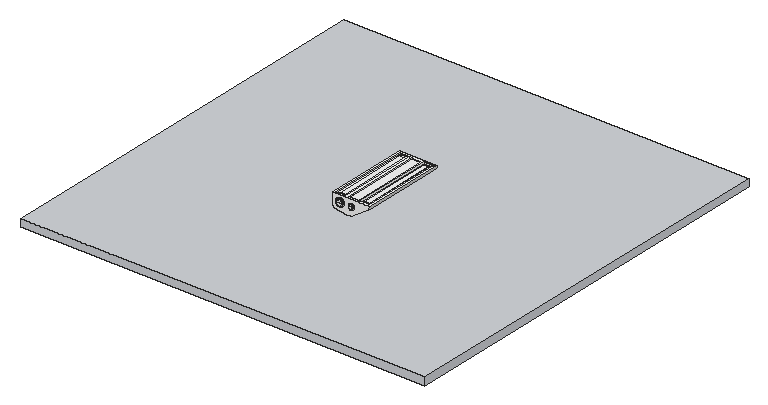
Revit family "PRXB-02", category Lighting Fixtures, host Face, Revit 2014
Parameters (values of type "PRXB/02L/LE/EM")
  Wings = Paint - Hubbell - Light Silver
  Width = 217.00 mm
  Watts = 16 W
  Wattage Comments = "16W"
  Wattage = 16 W
  Warranty = "5 years Warranty"  # constant formula
  built-in parameter 1150110 = 1 (stored number, unit not read)
  Voltage = 120 V
  URL = "https://www.hubbell.com/chalmit/en"
  built-in parameter 1114217 = 1 (stored number, unit not read)
  Tilt Angle = 90.00°
  built-in parameter 1150109 = 1 (stored number, unit not read)
  built-in parameter 1150134 = 3
  built-in parameter 1150113 = 1 (stored number, unit not read)
  Reflector Finish = Hubbell - White Glass
  Product Link = "https://www.hubbell.com/chalmit/en/Products/Lighting-Controls/Harsh-Hazardous-Lighting/Linear-Lighting/Protecta-X-LED/p/3605851"
  Product Documentation Link = "https://hubbellcdn.com/specsheet/PROTECTAX_Z1_V6.pdf"
  Power Factor = 1
  Photometric Web File = "PRXB_02L_LE_EM.ies"
  Pendent Height [instance] = 304.80 mm
  Model = "PRXB/02L/LE"
  Manufacturer = "Chalmit"  # constant formula
  built-in parameter 1150105 = 122.23 (stored number, unit not read)
  Lumens = 1536 lm
  built-in parameter 1150115 = 1 (stored number, unit not read)
  Load Classification = Lighting
  built-in parameter 1150137 = (empty or 0)
  built-in parameter 1150139 = (empty or 0)
  Length = 504.00 mm
  built-in parameter 1150112 = 1 (stored number, unit not read)
  built-in parameter 1150114 = 1 (stored number, unit not read)
  Lamp = "LED"  # constant formula
  built-in parameter 1150132 = (empty or 0)
  built-in parameter 1150102 = (empty or 0)
  built-in parameter 1150107 = 3200 (stored number, unit not read)
  built-in parameter 1150138 = (empty or 0)
  built-in parameter 1150106 = 1.2223 (stored number, unit not read)
  Housing Material = Paint - Hubbell - Matte White
  Fixture distribution = "Direct"  # constant formula
  Features = "120,000-hour maintenance free lifespan at 25 degC\r\n> 90,000 maintenance free hours at 60 degC\r\nThe lumen output of a 4ft linear in a lightweight and slimline package using specialised optics\r\nA targeted bright, white output with minimal spill light\r\nMarket-leading efficacy of = 135 lm/W\r\nUp to 50% energy savings vs traditional fluorescent fixtures\r\nMultiple beam distributions available"  # constant formula
  Emit from Rectangle Width = Length  # 504.00 mm
  Emit from Rectangle Length = Width  # 217.00 mm
  Emit Shape Visible in Rendering = no
  built-in parameter 1150104 = 8.9187 (stored number, unit not read)
  Drum-Height = 609.60 mm
  Dimming Lamp Color Temperature Shift = <None>
  Description = "The next generation in LED linear luminaires, the Protecta X’s\r\nrevolutionary design puts LED at the centre to provide the\r\nperformance of a 4ft linear in a lightweight and slimline package.\r\nWith a robust enclosure and excellent IP, the Protecta X is suitable\r\nfor use in the world’s most arduous environments. Expected useful\r\nlife to 70% of the initial lumens (L70) is >200,000 hours at 25°C,\r\nwith an incredible 90,000 maintenance free hours at 60°C. For a\r\nluminaire with the longest life, the highest output and marketleading efficacy, choose the Protecta X"  # constant formula
  Default Elevation = 1219.20 mm
  Copyright = " ©2020 Chalmit, a division of Hubbell Lighting, Inc"  # constant formula
  Contact = "https://www.hubbell.com/chalmit/en/contactUs"
  Connector Description = "Lighting Connector"  # constant formula
  Color Filter = 16777215
  built-in parameter 1114218 = 1 (stored number, unit not read)
  built-in parameter 1150133 = 10 (stored number, unit not read)
  Assembly Code = "D5020200"
  Apparent Load = Watts / Power Factor  # 16 VA
Types (3, lengths in mm): name | Photometric Web File
  (no name) | "PRXB_02L_LE_EM.ies"
  PRXB/02L/LE | "PRXB_02L_LE.ies"
  PRXB/02L/LE/EM | "PRXB_02L_LE_EM.ies"
Reference planes
  plane 1 "Center (Front/Back)": y = 0
  plane 2: z = 14.125
  plane 3 "Center (Left/Right)": x = 0
  plane 4: z = 107.625
  plane 5: y = -252
  plane 6: y = 252
  plane 7: x = 108.5
  plane 8: x = -108.5
  plane 9: y = 258
  plane 10: y = -258
Forms (mm)
  Extrusion 1, solid
    sketch origin (0, 0, 0) x (1, 0, 0) y (0, 1, 0)
      loop
        line (-1219.2, 1219.2) -> (-1219.2, -1219.2) -> (1219.2, -1219.2) -> (1219.2, 1219.2) -> (-1219.2, 1219.2)
    from 14.125 to -31.75
  Extrusion 2, solid, material "Paint - Hubbell - Matte White" <- "Housing Material"
    sketch origin (2.011, 0, 136.607) x (-1, 0, 0) y (0, 0, -1)
      loop
        line (108.5, 14.125) -> (108.5, 82.764)
        arc (108.5, 82.764) -> (105.684, 90.654) -> (98.507, 94.978) r 12.46
        arc (98.507, 94.978) -> (61.737, 101.289) -> (24.66, 105.432) r 635.412
        arc (24.66, 105.432) -> (-0.229, 103.154) -> (-22.866, 92.561) r 72.515
        line (-22.866, 92.561) -> (-104.949, 35.086)
        arc (-104.949, 35.086) -> (-110.186, 25.182) -> (-111.995, 14.125) r 34.7
        line (-111.995, 14.125) -> (108.5, 14.125)
    from -252 to 252
  Revolve 3, solid, material "Paint - Hubbell - Matte White" <- "Housing Material"
    sketch origin (-113.571, 22.5, 82.443) x (0, 1, 0) y (-1, 0, 0)
      loop
        line (235.5, -48.558) -> (235.5, -31.853) -> (233.214, -31.853) -> (233.214, -28.441) -> (231.594, -28.441) -> (231.594, -24.59) -> (229.5, -24.59) -> (229.5, -48.558) -> (235.5, -48.558)
      axis (235.5, -48.558) -> (229.5, -48.558)
    angle from 0 to 360
  Revolve 4, solid, material "Paint - Hubbell - Matte White" <- "Housing Material"
    sketch origin (-113.571, -22.5, 82.443) x (0, 1, 0) y (-1, 0, 0)
      loop
        line (-235.5, -48.558) -> (-229.5, -48.558) -> (-229.5, -24.59) -> (-231.594, -24.59) -> (-231.594, -28.441) -> (-233.214, -28.441) -> (-233.214, -31.853) -> (-235.5, -31.853) -> (-235.5, -48.558)
      axis (-235.5, -48.558) -> (-229.5, -48.558)
    angle from 0 to 360
  Revolve 5, solid, material "Paint - Hubbell - Matte White" <- "Housing Material"
    sketch origin (-44.19, -22.5, 82.443) x (0, 1, 0) y (-1, 0, 0)
      loop
        line (-235.5, -48.558) -> (-229.5, -48.558) -> (-229.5, -32.403) -> (-233.214, -32.403) -> (-233.214, -37.165) -> (-235.5, -37.165) -> (-235.5, -48.558)
      axis (-235.5, -48.558) -> (-229.5, -48.558)
    angle from 0 to 360
  Revolve 6, solid, material "Paint - Hubbell - Matte White" <- "Housing Material"
    sketch origin (-44.19, 22.5, 82.443) x (0, 1, 0) y (-1, 0, 0)
      loop
        line (235.5, -48.558) -> (235.5, -37.165) -> (233.214, -37.165) -> (233.214, -32.403) -> (229.5, -32.403) -> (229.5, -48.558) -> (235.5, -48.558)
      axis (235.5, -48.558) -> (229.5, -48.558)
    angle from 0 to 360
  Extrusion 7, void
    sketch origin (2.011, 0, 136.607) x (-1, 0, 0) y (0, 0, -1)
      loop
        line (-50.489, 65.71) -> (-36.125, 52.777) -> (-19.677, 93.489)
        arc (-19.677, 93.489) -> (1.555, 102.583) -> (24.578, 104.435) r 71.515
        arc (24.578, 104.435) -> (61.597, 100.299) -> (98.309, 93.997) r 634.412
        arc (98.309, 93.997) -> (104.91, 90.021) -> (107.5, 82.764) r 11.46
        line (107.5, 82.764) -> (110, 82.764) -> (110, 121.426) -> (26.895, 121.426) -> (-61.538, 80.189) -> (-106.919, 34.808) -> (-101.919, 34.808) -> (-50.489, 65.71)
    from -228.652 to 239.295
  Extrusion 8, void
    sketch origin (2.011, 0, 101.607) x (0, 1, 0) y (-1, 0, 0)
      loop
        line (-241.675, -34.85) -> (238.325, -34.85) -> (238.325, 25.15) -> (-241.675, 25.15) -> (-241.675, -34.85)
      loop
        line (-241.675, -104.85) -> (238.325, -104.85) -> (238.325, -44.85) -> (-241.675, -44.85) -> (-241.675, -104.85)
      loop
        line (-241.675, 40.15) -> (238.325, 40.15) -> (238.325, 100.15) -> (-241.675, 100.15) -> (-241.675, 40.15)
    from 14.125 to 21.723
  Extrusion 9, solid, material "Hubbell - White Glass" <- "Reflector Finish"
    sketch origin (2.011, 0, 101.607) x (0, 1, 0) y (-1, 0, 0)
      loop
        line (-226.675, 55.15) -> (223.325, 55.15) -> (223.325, 85.15) -> (-226.675, 85.15) -> (-226.675, 55.15)
      loop
        line (-226.675, -89.85) -> (223.325, -89.85) -> (223.325, -59.85) -> (-226.675, -59.85) -> (-226.675, -89.85)
    from 14.125 to 16.11
Cuts and joins
  Extrusion 7, Extrusion 8 cuts Extrusion 2
Dimensions and locks
  "Width": plane 8 to plane 7
  "Length": plane 5 to plane 6
  equal spacing: plane 5, plane 1 "Center (Front/Back)", plane 6
  equal spacing: plane 8, plane 3 "Center (Left/Right)", plane 7
  plane 2 to plane 4 = 93.50 mm
  equal spacing: plane 7, plane 3 "Center (Left/Right)", plane 8
  plane 7 to plane 8 = 217.00 mm
  aligned and locked: plane 2 to Extrusion 1
  aligned and locked: imposter light to plane 1 "Center (Front/Back)"
  aligned and locked: Extrusion 2 to plane 6
  aligned and locked: plane 5 to Extrusion 2
Automatic sketch dimensions
  Extrusion 1 sketch curve to Extrusion 1 sketch curve = 2438.40 mm  (x2)
  plane 3 "Center (Left/Right)" to Extrusion 2 sketch curve = 114.006 mm
  Extrusion 2 sketch curve to Extrusion 2 sketch curve = 7.046 mm
  plane 3 "Center (Left/Right)" to Extrusion 2 sketch curve = 79.306 mm
  plane 3 "Center (Left/Right)" to Extrusion 2 sketch curve = 29.339 mm
  plane 3 "Center (Left/Right)" to Extrusion 2 sketch curve = 24.877 mm
  plane 8 to Extrusion 2 sketch curve = 91.784 mm
  plane 8 to Extrusion 2 sketch curve = 14.471 mm
  Extrusion 2 sketch curve to Extrusion 2 sketch curve = 12.46 mm
  plane 4 to Extrusion 2 sketch curve = 556.832 mm
  level to Extrusion 2 sketch curve = 122.482 mm
  Extrusion 2 sketch curve to Extrusion 2 sketch curve = 19.035 mm
  Extrusion 2 sketch curve to Extrusion 2 sketch curve = 68.639 mm
  Extrusion 2 sketch curve to Extrusion 2 sketch curve = 59.401 mm
  Extrusion 2 sketch curve to Extrusion 2 sketch curve = 0.00 mm
  plane 6 to Revolve 3 sketch curve = 0.00 mm
  plane 9 to Revolve 3 sketch curve = 0.00 mm
  Revolve 3 sketch curve to plane 6 = 2.094 mm
  Revolve 3 sketch curve to Revolve 3 sketch curve = 1.62 mm
  plane 8 to Revolve 3 sketch curve = 43.487 mm  (x2)
  Revolve 3 sketch curve to Revolve 3 sketch curve = 16.705 mm
  Revolve 3 sketch curve to Revolve 3 sketch curve = 3.412 mm
  Revolve 3 sketch curve to Revolve 3 sketch curve = 3.851 mm
  plane 6 to Revolve 3 sketch curve = 97.787 mm
  Revolve 3 sketch curve to plane 9 = 91.213 mm
  plane 10 to Revolve 4 sketch curve = 0.00 mm
  plane 5 to Revolve 4 sketch curve = 0.00 mm
  Revolve 4 sketch curve to plane 10 = 2.286 mm
  Revolve 4 sketch curve to Revolve 4 sketch curve = 2.094 mm
  plane 8 to Revolve 4 sketch curve = 43.487 mm  (x2)
  Revolve 4 sketch curve to Revolve 4 sketch curve = 16.705 mm
  Revolve 4 sketch curve to Revolve 4 sketch curve = 3.412 mm
  Revolve 4 sketch curve to Revolve 4 sketch curve = 3.851 mm
  Revolve 4 sketch curve to Revolve 4 sketch curve = 91.213 mm
  Revolve 4 sketch curve to plane 5 = 97.787 mm
  plane 10 to Revolve 5 sketch curve = 0.00 mm
  plane 5 to Revolve 5 sketch curve = 0.00 mm
  Revolve 5 sketch curve to plane 10 = 2.286 mm
  plane 8 to Revolve 5 sketch curve = 112.867 mm  (x2)
  Revolve 5 sketch curve to Revolve 5 sketch curve = 11.392 mm
  Revolve 5 sketch curve to Revolve 5 sketch curve = 4.763 mm
  Revolve 5 sketch curve to Revolve 5 sketch curve = 91.213 mm
  Revolve 5 sketch curve to plane 5 = 97.787 mm
  plane 6 to Revolve 6 sketch curve = 0.00 mm
  plane 9 to Revolve 6 sketch curve = 0.00 mm
  Revolve 6 sketch curve to Revolve 6 sketch curve = 2.286 mm
  plane 8 to Revolve 6 sketch curve = 112.867 mm  (x2)
  Revolve 6 sketch curve to Revolve 6 sketch curve = 11.392 mm
  Revolve 6 sketch curve to Revolve 6 sketch curve = 4.763 mm
  Revolve 6 sketch curve to Revolve 6 sketch curve = 97.787 mm
  Revolve 6 sketch curve to plane 9 = 91.213 mm
  plane 3 "Center (Left/Right)" to Extrusion 7 sketch curve = 108.93 mm
  Extrusion 7 sketch curve to Extrusion 7 sketch curve = 5.00 mm
  plane 3 "Center (Left/Right)" to Extrusion 7 sketch curve = 63.549 mm
  plane 3 "Center (Left/Right)" to Extrusion 7 sketch curve = 52.50 mm
  Extrusion 7 sketch curve to Extrusion 7 sketch curve = 14.364 mm
  plane 3 "Center (Left/Right)" to Extrusion 7 sketch curve = 29.339 mm
  plane 3 "Center (Left/Right)" to Extrusion 7 sketch curve = 21.688 mm
  plane 8 to Extrusion 7 sketch curve = 91.784 mm
  plane 8 to Extrusion 7 sketch curve = 83.616 mm
  plane 8 to Extrusion 7 sketch curve = 14.471 mm
  Extrusion 7 sketch curve to Extrusion 7 sketch curve = 11.46 mm
  Extrusion 7 sketch curve to Extrusion 7 sketch curve = 2.50 mm
  plane 4 to Extrusion 7 sketch curve = 556.832 mm
  level to Extrusion 7 sketch curve = 103.447 mm
  Extrusion 7 sketch curve to Extrusion 7 sketch curve = 1.648 mm
  Extrusion 7 sketch curve to Extrusion 7 sketch curve = 19.617 mm
  Extrusion 7 sketch curve to Extrusion 7 sketch curve = 12.933 mm
  Extrusion 7 sketch curve to Extrusion 7 sketch curve = 14.478 mm
  Extrusion 7 sketch curve to Extrusion 7 sketch curve = 49.604 mm
  Extrusion 7 sketch curve to Extrusion 7 sketch curve = 27.778 mm
  Extrusion 7 sketch curve to Extrusion 7 sketch curve = 16.99 mm
  Extrusion 7 sketch curve to Extrusion 7 sketch curve = 0.00 mm
  Extrusion 8 sketch curve to plane 5 = 10.325 mm  (x2)
  Extrusion 8 sketch curve to Extrusion 8 sketch curve = 0.00 mm
  plane 6 to Extrusion 8 sketch curve = 13.675 mm  (x3)
  plane 3 "Center (Left/Right)" to Extrusion 8 sketch curve = 106.861 mm
  plane 3 "Center (Left/Right)" to Extrusion 8 sketch curve = 46.861 mm
  Extrusion 8 sketch curve to Extrusion 8 sketch curve = 10.00 mm
  plane 8 to Extrusion 8 sketch curve = 85.361 mm
  plane 8 to Extrusion 8 sketch curve = 70.361 mm
  plane 8 to Extrusion 8 sketch curve = 10.361 mm
  plane 8 to Extrusion 9 sketch curve = 55.361 mm
  Extrusion 9 sketch curve to plane 5 = 25.325 mm  (x2)
  plane 3 "Center (Left/Right)" to Extrusion 9 sketch curve = 61.861 mm
  plane 6 to Extrusion 9 sketch curve = 28.675 mm  (x2)
  Extrusion 9 sketch curve to Extrusion 9 sketch curve = 30.00 mm  (x2)
Connectors
  electrical at (3.759, 0, 122.482), driven by "Voltage", driven by "Apparent Load", driven by "Power Factor", driven by "Connector Description"
    settings: on cut or joined group of Extrusion 2, Extrusion 7, Extrusion 8, index 1, voltage 120 V, apparent load 16 VA, apparent load phase1 0 VA, apparent load phase2 0 VA, apparent load phase3 0 VA, power factor 1, load classification "Other", number of poles 1, system type 30, power factor state 1, is connector primary yes, connector utility no, sub classification motor no, connector description "Lighting Connector"
